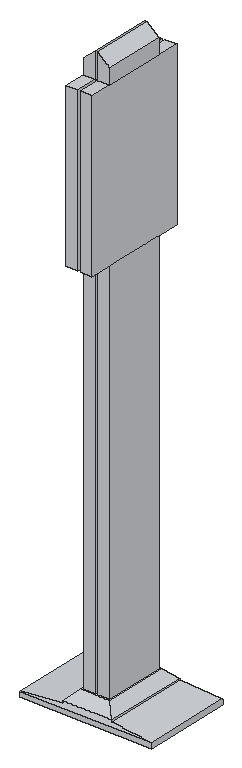
Revit family "Building-ElectricalVehicleCharging-GEWISS-JOINON-ICON_2-SIDED-FLOOR-MOUNT-SUPPORT", category Apparecchi elettrici, host Superficie, Revit 2019
Family settings
  Host = Superficie
  Mantenere orientamento annotazione = Sì
  Quota connettore circolare = Usa diametro
  Tipo di parte = Normale
  Taglio con vuoti quando caricato = No
  Condiviso = No
  Punto di calcolo locali = Sì
Parameters (values of type "GWJ8103 - I-CON - TWO-SIDED FLOOR-MOUNTING SUPPORT")
  visibilita posizionamento 2d [instance] = yes
  simbolo acceso [instance] = yes
  oggetto in pianta [instance] = not(visibilita posizionamento 2d)  # no
  distanza_simbolo [instance] = 1 mm
  distanza dal piano [instance] = 10 mm
  W = 115 mm  # constant formula
  Voltaggio = 0 V
  Version file RFA = "19.4"
  VETRO = Vetro
  URL = "https://www.gewiss.com/ww/en"
  Technical sheet = "https://www.gewiss.com/ww/en/search?q=GWJ8103"
  Suitable for = "WallBox I-CON"
  Spostamento_effettivo_S [instance] = 4000 mm - Spostamento_S  # 2500 mm
  Spostamento_S = 1500 mm
  Simbolo circuito [instance] = not(simbolo acceso)  # no
  STRUTTURA ALTA = blue
  STRUTTURA = RAL - 7035
  Realized by GEWISS S.p.A. = ""
  Default Elevation = 1219.2 mm
  Produttore = "GEWISS S.p.A."
  PRESA = Giallo
  POMELLO = bianco
  N.poli = 1
  Modello = "GWJ8103"
  L = 155 mm  # constant formula
  Immagine tipo = ICON_SUPP_BI.jpg
  IDT = "c8e419b7-85e3-4455-b847-1a1252f0ba31"
  IDF = "20ef0ad5-a66f-4bfd-9742-53af65c7bb1f"
  FORMULA = 1000 mm * 1  # 1000 mm
  Electrocod = "2242"
  EAN code = "8034035071386"
  Descrizione = "I-CON - TWO-SIDED FLOOR-MOUNTING SUPPORT"
  Description: = "I-CON floor-mounting support - double-sided"
  Catalogue = "E-MOBILITY"
  COBie.Tagnumber = ""
  COBie.CreatedOn = ""
  COBie.CreatebBy = ""
  COBie.ComponentRegisterItemID = ""
  COBie.Component.TagNumber = ""
  COBie.Component.Space = ""
  COBie.Component.SerialNumber = ""
  COBie.Component.InstallationDate = ""
  COBie.Component.Description = ""
  COBie.Component.BarCode = ""
  BLOCCO = "B=C"
Reference planes
  plane 1 "Centro (Fronte/Retro)": y = 0
  plane 2: z = 0
  plane 3 "Centro (Sinistra/Destra)": x = 0
  plane 4: x = -3000
  plane 5: x = -500
  plane 6: z = 10
Dimensions and locks
  plane 4 to plane 3 "Centro (Sinistra/Destra)" = 3000 mm
  "Spostamento_effettivo_S": plane 4 to plane 5
  "distanza dal piano": plane 6 to plane 2
  aligned and locked: plane 2 to host face
  aligned and locked: level to host face
Automatic sketch dimensions
  host sketch curve to host sketch curve = 2438.4 mm  (x2)
Nested families
  nested 1: "I-CON_SUPPORTO BIFACCIALE_BASE" at (0, 0, 0) x (0, 1, 0) z (0, 0, 1), type "I-CON_SUPPORTO BIFACCIALE_BASE"
Definition of nested family "I-CON_SUPPORTO BIFACCIALE_BASE"
  Parameters (values of type "I-CON_SUPPORTO BIFACCIALE_BASE")
    h_struttura = 1361.1 mm
    h_faccia = 930.5 mm
    h_Faccia = 369.5 mm
    POTENZA IN WOLT = 0 V
    N_POLI = 1
    Larghezza_struttura = 139.672 mm
    Larghezza_faccia = 240.108 mm
    CENTRALE = none
  Reference planes
    plane 1 "Centro (Fronte/Retro)": y = 0
    plane 2: z = 0
    plane 3 "Centro (Sinistra/Destra)": x = 0
    plane 4 "EEE": through (4267.2, -291.041, 143.375) normal (0, -0.788, -0.6157)
    plane 5: x = -69.836
    plane 6: x = 69.836
    plane 7: x = -120.054
    plane 8: x = 120.054
    plane 9: z = 930.5
  Forms (mm)
    Extrusion 1, solid
      sketch origin (0, 0, 0) x (1, 0, 0) y (0, 0, 1)
        loop
          line (69.836, 45) -> (69.836, 930.5) -> (-69.836, 930.5) -> (-69.836, 45) -> (69.836, 45)
      from 0 to 27
    Extrusion 2, solid
      sketch origin (0, 0, 0) x (1, 0, 0) y (0, 0, 1)
        loop
          line (-120.054, 930.5) -> (120.054, 930.5) -> (120.054, 1300) -> (-120.054, 1300) -> (-120.054, 930.5)
      from 0 to 27
    Extrusion 3, solid
      sketch origin (0, 0, 0) x (1, 0, 0) y (0, 0, 1)
        loop
          line (-73.836, 45) -> (-95.836, 23) -> (-100.836, 10.27) -> (-100.836, 0) -> (101.164, 0) -> (101.164, 9.889) -> (96.164, 23) -> (74.164, 45) -> (-73.836, 45)
      from -153 to 147
    Extrusion 4, void
      sketch origin (0, 0, 0) x (0, 1, 0) y (0, 0, 1)
        loop
          line (-53, 23) -> (-31, 45) -> (-147, 45) -> (-147, 11.788)
          arc (-147, 11.788) -> (-100.08, 16.765) -> (-53, 19.893) r 1200
          line (-53, 19.893) -> (-53, 23)
      from -112.173 to 250
    Extrusion 5, void
      sketch origin (0, 6, 0) x (0, -1, 0) y (0, 0, -1)
        loop
          line (-53, -23) -> (-53, -19.893)
          arc (-53, -19.893) -> (-100.08, -16.765) -> (-147, -11.788) r 1200
          line (-147, -11.788) -> (-147, -45) -> (-31, -45) -> (-53, -23)
      from -112.173 to 250
    Extrusion 6, solid
      sketch origin (0, 0, 0) x (1, 0, 0) y (0, 0, 1)
        loop
          line (69.836, 1300) -> (69.836, 1359.3) -> (-69.836, 1359.3) -> (-69.836, 1300) -> (69.836, 1300)
      from 0 to 27
    Extrusion 7, void
      sketch origin (0, 0, 0) x (0, 1, 0) y (0, 0, 1)
        loop
          line (0, 1359.3) -> (-27, 1359.3) -> (-27, 1334.306) -> (0, 1359.3)
        loop
          line (6, 1359.3) -> (33, 1334.306) -> (33, 1359.3) -> (6, 1359.3)
      from -93.756 to 250
    Extrusion 8, solid
      sketch origin (0, 33, 0) x (1, 0, 0) y (0, 0, 1)
        loop
          line (-120.054, 930.5) -> (120.054, 930.5) -> (120.054, 1300) -> (-120.054, 1300) -> (-120.054, 930.5)
      from 0 to 27
    Extrusion 9, solid
      sketch origin (0, 33, 0) x (1, 0, 0) y (0, 0, 1)
        loop
          line (69.836, 1300) -> (69.836, 1359.3) -> (-69.836, 1359.3) -> (-69.836, 1300) -> (69.836, 1300)
      from 0 to 27
    Extrusion 10, solid
      sketch origin (0, 33, 0) x (1, 0, 0) y (0, 0, 1)
        loop
          line (69.836, 45) -> (69.836, 930.5) -> (-69.836, 930.5) -> (-69.836, 45) -> (69.836, 45)
      from 0 to 27
  Cuts and joins
    Extrusion 4, Extrusion 5 cuts Extrusion 3
    Extrusion 7 cuts Extrusion 6
    Extrusion 7 cuts Extrusion 9
  Dimensions and locks
    equal spacing: plane 5, plane 3 "Centro (Sinistra/Destra)", plane 6
    "Larghezza_struttura": plane 5 to plane 6
    equal spacing: plane 7, plane 3 "Centro (Sinistra/Destra)", plane 8
    "Larghezza_faccia": plane 7 to plane 8
    "h_faccia": plane 9 to level
    aligned and locked: level to plane 2
    aligned and locked: Extrusion 1 sketch curve to plane 6
    aligned and locked: Extrusion 1 sketch curve to plane 5
    aligned and locked: Extrusion 1 sketch curve to plane 9
    aligned and locked: Extrusion 2 sketch curve to plane 7
    aligned and locked: Extrusion 2 sketch curve to plane 8
    aligned and locked: Extrusion 2 sketch curve to plane 9
  Automatic sketch dimensions
    level to Extrusion 1 sketch curve = 45 mm
    Extrusion 2 sketch curve to plane 9 = 369.5 mm
    Extrusion 3 sketch curve to level = 0 mm
    Extrusion 3 sketch curve to plane 7 = 19.218 mm
    Extrusion 3 sketch curve to Extrusion 3 sketch curve = 5 mm  (x2)
    plane 5 to Extrusion 3 sketch curve = 4 mm
    Extrusion 3 sketch curve to plane 6 = 4.328 mm
    plane 8 to Extrusion 3 sketch curve = 23.89 mm
    Extrusion 3 sketch curve to Extrusion 3 sketch curve = 9.889 mm
    Extrusion 3 sketch curve to Extrusion 3 sketch curve = 10.27 mm
    Extrusion 3 sketch curve to Extrusion 3 sketch curve = 12.73 mm
    Extrusion 3 sketch curve to Extrusion 3 sketch curve = 13.111 mm
    Extrusion 3 sketch curve to Extrusion 3 sketch curve = 22 mm
    level to Extrusion 4 sketch curve = 11.788 mm
    plane 1 "Centro (Fronte/Retro)" to Extrusion 4 sketch curve = 147 mm
    level to Extrusion 4 sketch curve = 19.893 mm
    plane 1 "Centro (Fronte/Retro)" to Extrusion 4 sketch curve = 53 mm
    plane 1 "Centro (Fronte/Retro)" to Extrusion 4 sketch curve = 31 mm
    Extrusion 4 sketch curve to plane 1 "Centro (Fronte/Retro)" = 3 mm
    Extrusion 4 sketch curve to Extrusion 4 sketch curve = 3.107 mm
    Extrusion 4 sketch curve to Extrusion 4 sketch curve = 22 mm
    Extrusion 5 sketch curve to level = 11.788 mm
    plane 1 "Centro (Fronte/Retro)" to Extrusion 5 sketch curve = 153 mm
    Extrusion 5 sketch curve to level = 19.893 mm
    plane 1 "Centro (Fronte/Retro)" to Extrusion 5 sketch curve = 59 mm
    Extrusion 5 sketch curve to Extrusion 5 sketch curve = 22 mm  (x2)
    plane 1 "Centro (Fronte/Retro)" to Extrusion 5 sketch curve = 3 mm
    Extrusion 5 sketch curve to Extrusion 5 sketch curve = 3.107 mm
    Extrusion 6 sketch curve to plane 5 = 0 mm
    Extrusion 6 sketch curve to plane 6 = 0 mm
    Extrusion 6 sketch curve to plane 9 = 369.5 mm
    Extrusion 6 sketch curve to Extrusion 6 sketch curve = 59.3 mm
    Extrusion 7 sketch curve to plane 1 "Centro (Fronte/Retro)" = 0 mm
    plane 1 "Centro (Fronte/Retro)" to Extrusion 7 sketch curve = 27 mm
    Extrusion 7 sketch curve to plane 1 "Centro (Fronte/Retro)" = 6 mm
    Extrusion 7 sketch curve to Extrusion 7 sketch curve = 27 mm
    Extrusion 7 sketch curve to plane 9 = 403.806 mm
    Extrusion 7 sketch curve to Extrusion 7 sketch curve = 0 mm
    Extrusion 7 sketch curve to Extrusion 7 sketch curve = 24.994 mm  (x2)
    plane 7 to Extrusion 8 sketch curve = 0 mm
    plane 8 to Extrusion 8 sketch curve = 0 mm
    Extrusion 8 sketch curve to plane 9 = 0 mm
    Extrusion 8 sketch curve to plane 9 = 369.5 mm
    Extrusion 9 sketch curve to plane 5 = 0 mm
    Extrusion 9 sketch curve to plane 6 = 0 mm
    Extrusion 9 sketch curve to plane 9 = 369.5 mm
    Extrusion 9 sketch curve to Extrusion 9 sketch curve = 59.3 mm
    plane 5 to Extrusion 10 sketch curve = 0 mm
    plane 6 to Extrusion 10 sketch curve = 0 mm
    Extrusion 10 sketch curve to plane 9 = 0 mm
    level to Extrusion 10 sketch curve = 45 mm
